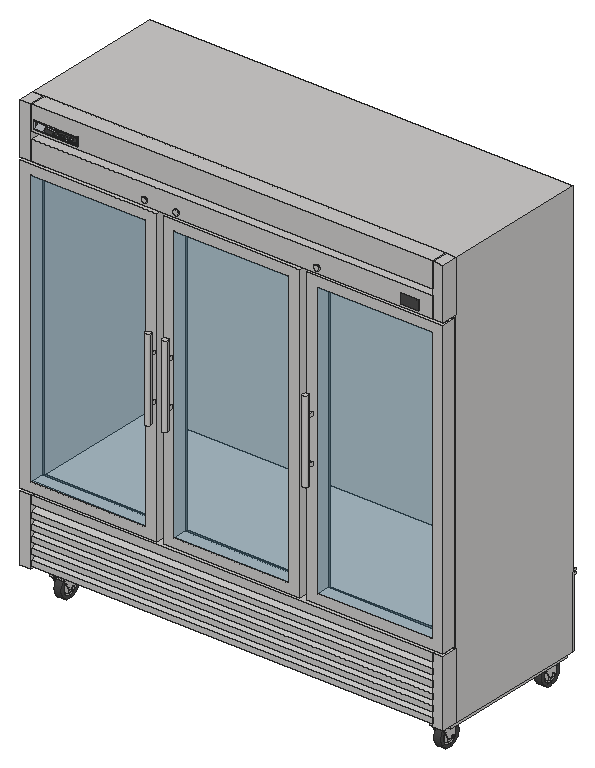
Revit family "QF_TRUE_TS-72FG-HC~FGD01", category Specialty Equipment, Revit 2015
Parameters
  Weight in Pounds = 760
  Watts = Volts * FL Amps  # 1495 W
  Volts = 115 V
  URL Cutsheet = "www.truemfg.com"
  URL = "www.truemfg.com"
  Specification by User = ""
  Specification by Manufacturer = ""
  Siesmic Flanged [instance] = and(Show Seismic Flanged, not(Show 5 Inches Castors))  # no
  Show Seismic Flanged [instance] = no
  Show Logo [instance] = yes
  Show Clearance [instance] = yes
  Show 6 Inches Legs [instance] = no
  Show 5 Inches Castors [instance] = not(or(Show 6 Inches Legs, Show Seismic Flanged))  # yes
  Serial Number = ""
  Seismic Rating = ""
  SMACNA No = ""
  Revision Code = ""
  Phase = 1
  Overall Height = 83 3/8"
  Number of Poles = 1
  NAFEM Spec ID Number = ""
  Model = "TS-72FG-HC~FGD01"
  Min Ckt Ampacity = 0 A
  Max Overcurrent Protection = 0 A
  Masterspec = ""
  Manufacturer = "TRUE"
  Length = 78 1/8"
  Item Number = ""
  Installed By = ""
  Identify Quantity as Lot = yes
  Height = 83 3/8"
  HP = "3/4"
  Furnished By = ""
  Foodservice Equipment Identifier = yes
  FL Amps = 13 A
  Electrical Remarks = ""
  Electric Connection Type = ""
  Elec Conn RI Height = 0"
  Elec Conn Connection Height = 0"
  Description = "REACH-IN GLASS SWING DOOR STAINLESS STEEL FREEZER WITH HYDROCARBON REFRIGERANT~FRAMED GLASS DOOR VERSION 01"
  Depth = 29 7/8"
  Cycle = 60 Hz
  Conn Plug = "NEMA 5-15P"
  Conn Conduit = yes
  CSI MasterFormat = ""
  Body Height = 78 3/8"
  Base Height [instance] = if(Show 5 Inches Castors, 5", if(Show 6 Inches Legs, 6", if(Show Seismic Flanged, 6", 5")))  # 5"
  Apparent Power = 0 VA
  6 Inches Legs [instance] = and(or(Show Seismic Flanged, Show 6 Inches Legs), not(Show 5 Inches Castors))  # no
  5 Inches  Casters [instance] = Show 5 Inches Castors  # yes
Reference planes (in)
  plane 1 "BACK": y = 0
  plane 2: z = 0
  plane 3 "LEFT": x = 0
  plane 4 "RIGHT": x = 78.125
  plane 5 "FRONT": y = -29.875
  plane 6 "TOP": z = 83.375
  plane 7 "Center Y": x = 39.0625
  plane 8 "Center X": y = -14.9375
  plane 9: z = 5
  plane 10: y = -29.875
  plane 11: y = -30.5
Forms (in)
  Extrusion 1, solid, material "QF_Metal - Stainless - Polished"
    sketch origin (0, 0.375, 18.90845) x (1, 0, 0) y (0, 0, -1)
      loop
        circle (39.0625, 10.90845) r 1
    from 0 to 0.125
  Extrusion 2, solid, material "QF_Metal - Stainless - Polished", not visible
    sketch origin (0, -0.25, 18.90845) x (1, 0, 0) y (0, 0, -1)
      loop
        circle (39.0625, 10.90845) r 1
    from 0 to 0.125
Dimensions and locks (in)
  equal spacing: plane 3 "LEFT", plane 7 "Center Y", plane 4 "RIGHT"
  "Length": plane 3 "LEFT" to plane 4 "RIGHT"
  equal spacing: plane 5 "FRONT", plane 8 "Center X", plane 1 "BACK"
  "Depth": plane 5 "FRONT" to plane 1 "BACK"
  "Overall Height": plane 6 "TOP" to level
  "Base Height": plane 9 to plane 2
  plane 1 "BACK" to nested 1 = 54 1/4"
  nested 1 to plane 1 "BACK" = 0"
  plane 10 to nested 1 = 29 7/8"
  plane 5 "FRONT" to plane 1 "BACK" = 29 7/8"
  plane 10 to plane 5 "FRONT" = 0"
  "Body Height": plane 6 "TOP" to nested 1
  plane 5 "FRONT" to nested 1 = 1 5/8"
  plane 1 "BACK" to nested 1 = 5/8"
  nested 1 to nested 1 = 32 1/8"
  nested 1 to nested 1 = 30 1/2"
  aligned and locked: level to plane 2
  aligned and locked: nested 1 to plane 9
Automatic sketch dimensions
  nested 1 to Extrusion 1 sketch curve = 1 5/8"
  nested 1 to Extrusion 1 sketch curve = 39 1/16"
  nested 6 to Extrusion 2 sketch curve = 1 5/8"
  nested 6 to Extrusion 2 sketch curve = 39 1/16"
  radius of Extrusion 1 sketch curve = 1"
  radius of Extrusion 2 sketch curve = 1"
Nested families (in)
  nested 1: "T-72FG-HC-FGD01" at (0, 0.625, 0), Show Clearance <- "Show Clearance", Show Logo <- "Show Logo", type "T-72FG-HC-FGD01"
    with Show Logo yes, Show Clearance yes, Materials and Finshes QF_Plastic - Black - Smooth, Default Legs yes
  nested 2: "CASTER-LEGS" at (4, -2, 0), Show Siesmic Flanged <- "Show Seismic Flanged", Show Legs <- "Show 6 Inches Legs", Show 5" Casters <- "5 Inches  Casters", type "CASTER-LEGS"
    with Type Mark "", Status "", Specification by User "", Show Siesmic Flanged no, Show Legs no, Show 6" Casters no, Show 5" Casters yes, Show 4" Casters no, Show 2.5 Casters no, Revision Code "", Low Profile no, Item Number "", Installed By "", Identify Quantity as Lot yes, Furnished By "", Foodservice Equipment Identifier yes
  nested 3: "CASTER-LEGS" at (4, -25.25, 0), Show Siesmic Flanged <- "Show Seismic Flanged", Show Legs <- "Show 6 Inches Legs", Show 5" Casters <- "5 Inches  Casters", type "CASTER-LEGS"
    with Type Mark "", Status "", Specification by User "", Show Siesmic Flanged no, Show Legs no, Show 6" Casters no, Show 5" Casters yes, Show 4" Casters no, Show 2.5 Casters no, Revision Code "", Low Profile no, Item Number "", Installed By "", Identify Quantity as Lot yes, Furnished By "", Foodservice Equipment Identifier yes
  nested 4: "CASTER-LEGS" at (74.125, -2, 0), Show Siesmic Flanged <- "Show Seismic Flanged", Show Legs <- "Show 6 Inches Legs", Show 5" Casters <- "5 Inches  Casters", type "CASTER-LEGS"
    with Type Mark "", Status "", Specification by User "", Show Siesmic Flanged no, Show Legs no, Show 6" Casters no, Show 5" Casters yes, Show 4" Casters no, Show 2.5 Casters no, Revision Code "", Low Profile no, Item Number "", Installed By "", Identify Quantity as Lot yes, Furnished By "", Foodservice Equipment Identifier yes
  nested 5: "CASTER-LEGS" at (74.125, -25.25, 0), Show Siesmic Flanged <- "Show Seismic Flanged", Show Legs <- "Show 6 Inches Legs", Show 5" Casters <- "5 Inches  Casters", type "CASTER-LEGS"
    with Type Mark "", Status "", Specification by User "", Show Siesmic Flanged no, Show Legs no, Show 6" Casters no, Show 5" Casters yes, Show 4" Casters no, Show 2.5 Casters no, Revision Code "", Low Profile no, Item Number "", Installed By "", Identify Quantity as Lot yes, Furnished By "", Foodservice Equipment Identifier yes
  nested 6: "T-72FG-HC-FGD01" at (0, 0, 0), Show Clearance <- "Show Clearance", Show Logo <- "Show Logo", type "T-72FG-HC-FGD01", not visible
    with Show Logo yes, Show Clearance yes, Materials and Finshes QF_Plastic - Black - Smooth, Default Legs yes
  nested 7: "CASTER-LEGS" at (4, -2.625, 0), Show Siesmic Flanged <- "Show Seismic Flanged", Show Legs <- "Show 6 Inches Legs", Show 5" Casters <- "5 Inches  Casters", type "CASTER-LEGS", not visible
    with Type Mark "", Status "", Specification by User "", Show Siesmic Flanged no, Show Legs no, Show 6" Casters no, Show 5" Casters yes, Show 4" Casters no, Show 2.5 Casters no, Revision Code "", Low Profile no, Item Number "", Installed By "", Identify Quantity as Lot yes, Furnished By "", Foodservice Equipment Identifier yes
  nested 8: "CASTER-LEGS" at (4, -25.875, 0), Show Siesmic Flanged <- "Show Seismic Flanged", Show Legs <- "Show 6 Inches Legs", Show 5" Casters <- "5 Inches  Casters", type "CASTER-LEGS", not visible
    with Type Mark "", Status "", Specification by User "", Show Siesmic Flanged no, Show Legs no, Show 6" Casters no, Show 5" Casters yes, Show 4" Casters no, Show 2.5 Casters no, Revision Code "", Low Profile no, Item Number "", Installed By "", Identify Quantity as Lot yes, Furnished By "", Foodservice Equipment Identifier yes
  nested 9: "CASTER-LEGS" at (74.125, -2.625, 0), Show Siesmic Flanged <- "Show Seismic Flanged", Show Legs <- "Show 6 Inches Legs", Show 5" Casters <- "5 Inches  Casters", type "CASTER-LEGS", not visible
    with Type Mark "", Status "", Specification by User "", Show Siesmic Flanged no, Show Legs no, Show 6" Casters no, Show 5" Casters yes, Show 4" Casters no, Show 2.5 Casters no, Revision Code "", Low Profile no, Item Number "", Installed By "", Identify Quantity as Lot yes, Furnished By "", Foodservice Equipment Identifier yes
  nested 10: "CASTER-LEGS" at (74.125, -25.875, 0), Show Siesmic Flanged <- "Show Seismic Flanged", Show Legs <- "Show 6 Inches Legs", Show 5" Casters <- "5 Inches  Casters", type "CASTER-LEGS", not visible
    with Type Mark "", Status "", Specification by User "", Show Siesmic Flanged no, Show Legs no, Show 6" Casters no, Show 5" Casters yes, Show 4" Casters no, Show 2.5 Casters no, Revision Code "", Low Profile no, Item Number "", Installed By "", Identify Quantity as Lot yes, Furnished By "", Foodservice Equipment Identifier yes
Connectors (in)
  electrical at (39.0625, 0.5, 8), driven by "Volts", driven by "Watts"
    settings: on Extrusion 1, index 1, voltage 115 V, apparent load 1495 VA, apparent load phase1 0 VA, apparent load phase2 0 VA, apparent load phase3 0 VA, power factor 1, load classification "Other", number of poles 1, system type 30, power factor state 1, is connector primary yes, connector utility no, sub classification motor no, connector description "ELECTRICAL CONNECTION"
Definition of nested family "T-72FG-HC-FGD01"
  Parameters (values of type "T-72FG-HC-FGD01")
    Weight in Pounds = 0
    Watts = 0 W
    Volts = 0 V
    URL Cutsheet = ""
    Specification by User = ""
    Specification by Manufacturer = ""
    Show Logo [instance] = yes
    Show Clearance [instance] = yes
    Serial Number = ""
    Seismic Rating = ""
    SMACNA No = ""
    Revision Code = ""
    Phase = 0
    Number of Poles = 1
    NAFEM Spec ID Number = ""
    Min Ckt Ampacity = 0 A
    Max Overcurrent Protection = 0 A
    Materials and Finshes [instance] = none
    Masterspec = ""
    Length = 78 1/8"
    Item Number = ""
    Installed By = ""
    Identify Quantity as Lot = yes
    Height = 83 3/8"
    HP = ""
    Furnished By = ""
    Foodservice Equipment Identifier = yes
    FL Amps = 0 A
    Electrical Remarks = ""
    Electric Connection Type = ""
    Elec Conn RI Height = 0"
    Elec Conn Connection Height = 0"
    Depth = 30 1/2"
    Default Legs [instance] = yes
    Cycle = 0 Hz
    Conn Plug = ""
    Conn Conduit = yes
    CSI MasterFormat = ""
    Base Height [instance] = 5"
    Apparent Power = 0 VA
  Reference planes (in)
    plane 1 "BACK": y = 0
    plane 2: z = 0
    plane 3 "LEFT": x = 0
    plane 4 "RIGHT": x = 78.125
    plane 5 "FRONT": y = -30.5
    plane 6 "TOP": z = 83.375
    plane 7 "Center Y": x = 39.0625
    plane 8 "Center X": y = -15.25
    plane 9: z = 5
    plane 10: y = -32.125
    plane 11: y = -0.625
    plane 12: z = 6.375
    plane 13: x = 4
    plane 14: x = 74.125
    plane 15: y = -2.625
    plane 16: y = -26.875
    plane 17: y = -54.875
  Forms (in)
    Extrusion 1, solid
      sketch origin (-5.09019, -0.625, 48) x (-1, 0, 0) y (0, 0, 1)
        loop
          line (-5.09019, 35.375) -> (-83.21519, 35.375) -> (-83.21519, -41.625) -> (-5.09019, -41.625) -> (-5.09019, 35.375)
      from 0 to -26.875
    Extrusion 2, solid
      sketch origin (-5.09019, -27.5, 48) x (1, 0, 0) y (0, 0, 1)
        loop
          line (5.09019, 35.375) -> (5.09019, 25.875) -> (7.09019, 25.875) -> (7.09019, 35.375) -> (5.09019, 35.375)
        loop
          line (83.21519, 35.375) -> (81.21519, 35.375) -> (81.21519, 25.875) -> (83.21519, 25.875) -> (83.21519, 35.375)
        loop
          line (5.09019, -29.375) -> (5.09019, -41.625) -> (7.09019, -41.625) -> (7.09019, -29.375) -> (5.09019, -29.375)
        loop
          line (83.21519, -29.375) -> (81.21519, -29.375) -> (81.21519, -41.625) -> (83.21519, -41.625) -> (83.21519, -29.375)
      from 0 to 3
    Extrusion 3, void
      sketch origin (-5.09019, -27.5, 48) x (-1, 0, 0) y (0, 0, 1)
        loop
          line (-5.34019, 25.375) -> (-82.96519, 25.375) -> (-82.96519, -28.875) -> (-5.34019, -28.875) -> (-5.34019, 25.375)
      from 0 to 25.61194
    Extrusion 4, solid
      sketch origin (-5.09019, -27.5, 48) x (1, 0, 0) y (0, 0, 1)
        loop
          line (30.34019, 25.375) -> (5.09019, 25.375) -> (5.09019, -28.875) -> (30.34019, -28.875) -> (30.34019, 25.375)
        loop
          line (28.34019, 23.625) -> (7.09019, 23.625) -> (7.09019, -27.125) -> (28.34019, -27.125) -> (28.34019, 23.625)
        loop
          line (56.76697, 25.375) -> (31.51697, 25.375) -> (31.51697, -28.875) -> (56.76697, -28.875) -> (56.76697, 25.375)
        loop
          line (54.76697, 23.625) -> (33.51697, 23.625) -> (33.51697, -27.125) -> (54.76697, -27.125) -> (54.76697, 23.625)
        loop
          line (57.96519, 25.375) -> (57.96519, -28.875) -> (83.21519, -28.875) -> (83.21519, 25.375) -> (57.96519, 25.375)
        loop
          line (59.96519, 23.625) -> (59.96519, -27.125) -> (81.21519, -27.125) -> (81.21519, 23.625) -> (59.96519, 23.625)
      from 0.5 to 3
    Extrusion 5, solid
      sketch origin (25.25, -27.5, 73.625) x (0, 0, -1) y (0, 1, 0)
        loop
          line (23, -3) -> (23, -3.63505) -> (23.64808, -3.63505) -> (23.64808, -3) -> (23, -3)
        loop
          line (31.1451, -3) -> (31.1451, -3.63505) -> (31.79318, -3.63505) -> (31.79318, -3) -> (31.1451, -3)
      from -0.36508 to -1.13332
    Extrusion 6, solid
      sketch origin (28.42678, -27.5, 18.875) x (0, 0, 1) y (0, -1, 0)
        loop
          line (32, 3) -> (32, 3.63505) -> (31.35192, 3.63505) -> (31.35192, 3) -> (32, 3)
        loop
          line (23.8549, 3) -> (23.8549, 3.63505) -> (23.20682, 3.63505) -> (23.20682, 3) -> (23.8549, 3)
      from -0.36508 to -1.13332
    Extrusion 7, solid
      sketch origin (52.875, -27.5, 73.625) x (0, 0, -1) y (0, -1, 0)
        loop
          line (23, 3) -> (23.64808, 3) -> (23.64808, 3.63505) -> (23, 3.63505) -> (23, 3)
        loop
          line (31.1451, 3) -> (31.79318, 3) -> (31.79318, 3.63505) -> (31.1451, 3.63505) -> (31.1451, 3)
      from -0.36508 to -1.13332
    Extrusion 8, solid
      sketch origin (25.25, -31.13505, 41.83182) x (1, 0, 0) y (0, -1, 0)
        loop
          circle (-0.7492, 0.49497) r 0.5
        loop
          circle (2.42758, 0.49497) r 0.5
        loop
          circle (28.3742, 0.49497) r 0.5
      from 3 to -12
    Extrusion 9, solid
      sketch origin (2, -27.5, 83.375) x (0, 0, -1) y (0, 1, 0)
        loop
          line (0, -3) -> (4.5, -3) -> (5.75, -0.19245) -> (5.75, -3) -> (9.5, -3) -> (9.5, 0) -> (0, 0) -> (0, -3)
        loop
          line (64.75, -3) -> (66.25, -3) -> (66.25, -0.43712) -> (67.5, -3) -> (68.5, -3) -> (68.5, -0.9497) -> (69.5, -3) -> (70.5, -3) -> (70.5, -0.9497) -> (71.5, -3) -> (72.5, -3) -> (72.5, -0.9497) -> (73.5, -3) -> (74.5, -3) -> (74.5, -0.9497) -> (75.5, -3) -> (76.5, -3) -> (76.5, 0) -> (64.75, 0) -> (64.75, -3)
      from 0 to 74.125
    Extrusion 10, solid
      sketch origin (-5.09019, -30.5, 48) x (1, 0, 0) y (0, 0, 1)
        loop
          line (7.09019, -27.125) -> (28.34019, -27.125) -> (28.34019, 23.625) -> (7.09019, 23.625) -> (7.09019, -27.125)
        loop
          line (33.51697, -27.125) -> (54.76697, -27.125) -> (54.76697, 23.625) -> (33.51697, 23.625) -> (33.51697, -27.125)
        loop
          line (59.96519, -27.125) -> (81.21519, -27.125) -> (81.21519, 23.625) -> (59.96519, 23.625) -> (59.96519, -27.125)
      from 0 to -0.125
    Extrusion 11, solid
      sketch origin (2, -30.5, 77.625) x (0, 0, -1) y (1, 0, 0)
        loop
          line (1.52381, 68.36966) -> (3.27381, 68.36966) -> (3.27381, 71.61966) -> (1.52381, 71.61966) -> (1.52381, 68.36966)
      from 0 to 0.0625
    Extrusion 12, solid
      sketch origin (2, -30.5, 77.625) x (0, 0, -1) y (1, 0, 0)
        loop
          circle (2.77758, 20.91745) r 0.5
        loop
          circle (2.77758, 26.78508) r 0.5
        loop
          circle (2.77758, 52.78508) r 0.5
      from 0 to 0.0625
    Extrusion 13, solid
      sketch origin (0, 0, 0) x (1, 0, 0) y (0, 0, 1)
        loop
          line (1, 6.375) -> (1, 5) -> (77.125, 5) -> (77.125, 6.375) -> (1, 6.375)
      from 0.625 to 27.5
    Extrusion 14, solid, visible <- "Show Clearance", detail levels coarse
      sketch origin (0, -27.5, 19.125) x (0, -1, 0) y (-1, 0, 0)
        loop
          line (3, 0) -> (3, -25.25)
          arc (3, -25.25) -> (20.64419, -17.8926) -> (27.375, 0) r 24.09215
          line (27.375, 0) -> (3, 0)
        loop
          line (3, -51.67678) -> (27.375, -51.67678)
          arc (27.375, -51.67678) -> (20.64419, -33.78418) -> (3, -26.42678) r 24.09215
          line (3, -26.42678) -> (3, -51.67678)
        loop
          line (3, -52.875) -> (3, -78.125) -> (27.375, -78.125)
          arc (27.375, -78.125) -> (20.62542, -60.25053) -> (3, -52.875) r 24.14919
      from 0 to -54.25
    Extrusion 15, solid
      sketch origin (0, -0.625, 82.375) x (0, 0, 1) y (0, 1, 0)
        loop
          line (-76, 0) -> (-62.57476, 0) -> (-62.57476, 0.14819) -> (-62.39798, 0.32496) -> (-62.39798, 0.625) -> (-62.74122, 0.625) -> (-62.74122, 0.375) -> (-63.12172, 0.375) -> (-63.12172, 0.625) -> (-63.46655, 0.625) -> (-63.46655, 0.375) -> (-76, 0.375) -> (-76, 0)
      from 0 to -78.125
    Extrusion 16, solid
      sketch origin (26.98493, -27.5, 73.375) x (-1, 0, 0) y (0, -1, 0)
        loop
          line (26.52659, 1.27764) -> (26.52659, 2.32875) -> (23.06149, 2.32875) -> (23.06149, 1.27764) -> (26.52659, 1.27764)
        loop
          circle (26.09113, 1.82353) r 0.25
        loop
          circle (24.44087, 1.81192) r 0.25
        loop
          circle (23.44087, 1.81192) r 0.25
      from 0 to 0.22057
    Extrusion 17, solid
      sketch origin (26.98493, -27.5, 73.375) x (-1, 0, 0) y (0, -1, 0)
        loop
          circle (24.44087, 1.81192) r 0.25
        loop
          circle (23.44087, 1.81192) r 0.25
      from 0 to 0.31015
    Extrusion 18, solid
      sketch origin (26.98493, -27.5, 73.87265) x (-1, 0, 0) y (0, -1, 0)
        loop
          circle (26.09249, 1.82353) r 0.25
      from 0.00235 to -0.27708
    Extrusion 19, solid
      sketch origin (-0.01507, -27.5, 19.12866) x (0, -1, 0) y (-1, 0, 0)
        loop
          line (0, -1.157) -> (2.06523, -1.11503)
          arc (2.06523, -1.11503) -> (2.48736, -0.68546) -> (2.06523, -0.25589) r 0.42963
          line (2.06523, -0.25589) -> (0, -0.21392) -> (0, -1.157)
        loop
          circle (2.05773, -0.68546) r 0.25
      from 0.00366 to 0.22057
    Extrusion 20, solid
      sketch origin (-0.01507, -27.5, 19.12866) x (0, -1, 0) y (-1, 0, 0)
        loop
          circle (2.05773, -0.68546) r 0.25
      from 0.00366 to 0.29961
    Extrusion 21, solid
      sketch origin (-5.09019, -27.5, 48) x (1, 0, 0) y (0, 0, 1)
        loop
          line (5.46519, -28.75) -> (30.21519, -28.75) -> (30.21519, 25.25) -> (5.46519, 25.25) -> (5.46519, -28.75)
        loop
          line (28.46519, 23.75) -> (6.96519, 23.75) -> (6.96519, -27.25) -> (28.46519, -27.25) -> (28.46519, 23.75)
        loop
          line (31.89197, -28.75) -> (56.64197, -28.75) -> (56.64197, 25.25) -> (31.89197, 25.25) -> (31.89197, -28.75)
        loop
          line (54.89197, 23.75) -> (33.39197, 23.75) -> (33.39197, -27.25) -> (54.89197, -27.25) -> (54.89197, 23.75)
        loop
          line (82.84019, -28.75) -> (82.84019, 25.25) -> (58.09019, 25.25) -> (58.09019, -28.75) -> (82.84019, -28.75)
        loop
          line (59.84019, 23.75) -> (59.84019, -27.25) -> (81.34019, -27.25) -> (81.34019, 23.75) -> (59.84019, 23.75)
      from 0 to 0.5
    Extrusion 22, solid
      sketch origin (51.14007, -27.5, 73.375) x (1, 0, 0) y (0, 1, 0)
        loop
          line (26.52659, -1.27764) -> (23.06149, -1.27764) -> (23.06149, -2.32875) -> (26.52659, -2.32875) -> (26.52659, -1.27764)
        loop
          circle (26.09113, -1.82353) r 0.25
        loop
          circle (24.44087, -1.81192) r 0.25
        loop
          circle (23.44087, -1.81192) r 0.25
      from 0 to 0.22057
    Extrusion 23, solid
      sketch origin (51.14007, -27.5, 73.375) x (1, 0, 0) y (0, 1, 0)
        loop
          circle (24.44087, -1.81192) r 0.25
        loop
          circle (23.44087, -1.81192) r 0.25
      from 0 to 0.31015
    Extrusion 24, solid
      sketch origin (51.14007, -27.5, 73.87265) x (1, 0, 0) y (0, 1, 0)
        loop
          circle (26.09249, -1.82353) r 0.25
      from 0.00235 to -0.27708
    Extrusion 25, solid
      sketch origin (78.14007, -27.5, 19.12866) x (0, 1, 0) y (1, 0, 0)
        loop
          line (0, -1.157) -> (0, -0.21392) -> (-2.06523, -0.25589)
          arc (-2.06523, -0.25589) -> (-2.48736, -0.68546) -> (-2.06523, -1.11503) r 0.42963
          line (-2.06523, -1.11503) -> (0, -1.157)
        loop
          circle (-2.05773, -0.68546) r 0.25
      from 0.00366 to 0.22057
    Extrusion 26, solid
      sketch origin (78.14007, -27.5, 19.12866) x (0, 1, 0) y (1, 0, 0)
        loop
          circle (-2.05773, -0.68546) r 0.25
      from 0.00366 to 0.29961
    Extrusion 27, solid
      sketch origin (24.69185, -27.5, 73.375) x (1, 0, 0) y (0, 1, 0)
        loop
          line (26.52659, -1.27764) -> (23.06149, -1.27764) -> (23.06149, -2.32875) -> (26.52659, -2.32875) -> (26.52659, -1.27764)
        loop
          circle (26.09113, -1.82353) r 0.25
        loop
          circle (24.44087, -1.81192) r 0.25
        loop
          circle (23.44087, -1.81192) r 0.25
      from 0 to 0.22057
    Extrusion 28, solid
      sketch origin (24.69185, -27.5, 73.375) x (1, 0, 0) y (0, 1, 0)
        loop
          circle (24.44087, -1.81192) r 0.25
        loop
          circle (23.44087, -1.81192) r 0.25
      from 0 to 0.31015
    Extrusion 29, solid
      sketch origin (24.69185, -27.5, 73.87265) x (1, 0, 0) y (0, 1, 0)
        loop
          circle (26.09249, -1.82353) r 0.25
      from 0.00235 to -0.27708
    Extrusion 30, solid
      sketch origin (51.69185, -27.5, 19.12866) x (0, 1, 0) y (1, 0, 0)
        loop
          line (0, -1.157) -> (0, -0.21392) -> (-2.06523, -0.25589)
          arc (-2.06523, -0.25589) -> (-2.48736, -0.68546) -> (-2.06523, -1.11503) r 0.42963
          line (-2.06523, -1.11503) -> (0, -1.157)
        loop
          circle (-2.05773, -0.68546) r 0.25
      from 0.00366 to 0.22057
    Extrusion 31, solid
      sketch origin (51.69185, -27.5, 19.12866) x (0, 1, 0) y (1, 0, 0)
        loop
          circle (-2.05773, -0.68546) r 0.25
      from 0.00366 to 0.29961
  Cuts and joins
    Extrusion 3 cuts Extrusion 1
    Extrusion 3 cuts Extrusion 2
  Lines and regions (in)
    symbolic lines
      curve 1: line (0, 0, 0) -> (78.125, 0, 0)
      curve 2: line (0, -30.5, 0) -> (0, 0, 0)
      curve 3: line (78.125, -30.5, 0) -> (0, -30.5, 0)
      curve 4: line (78.125, 0, 0) -> (78.125, -30.5, 0)
      curve 5: line (78.125, -27.5, 0) -> (0, -27.5, 0)
      curve 6: line (78.125, -0.625, 0) -> (0, -0.625, 0)
      curve 7: arc (29.80964, -43.125, 0) -> (27.28715, -37.03518, 0) -> (26.42678, -30.5, 0) r 25.25
      curve 8: line (29.80964, -43.125, 0) -> (51.67678, -30.5, 0)
      curve 9: arc (56.25786, -43.125, 0) -> (53.73537, -37.03518, 0) -> (52.875, -30.5, 0) r 25.25
      curve 10: line (56.25786, -43.125, 0) -> (78.125, -30.5, 0)
      curve 11: arc (25.25, -30.5, 0) -> (24.38963, -37.03518, 0) -> (21.86714, -43.125, 0) r 25.25
      curve 12: line (0, -30.5, 0) -> (21.86714, -43.125, 0)
      curve 13: arc (24.0008, -31.63003, 0) -> (24.5008, -31.13003, 0) -> (25.0008, -31.63003, 0) r 0.5
      curve 14: arc (25.0008, -31.63003, 0) -> (24.5008, -32.13003, 0) -> (24.0008, -31.63003, 0) r 0.5
      curve 15: line (24.88492, -30.5, 0) -> (24.88492, -31.30994, 0)
      curve 16: line (24.11668, -30.5, 0) -> (24.11668, -31.30994, 0)
      curve 17: arc (27.17758, -31.63003, 0) -> (27.67758, -31.13003, 0) -> (28.17758, -31.63003, 0) r 0.5
      curve 18: arc (28.17758, -31.63003, 0) -> (27.67758, -32.13003, 0) -> (27.17758, -31.63003, 0) r 0.5
      curve 19: line (28.06169, -30.5, 0) -> (28.06169, -31.30994, 0)
      curve 20: line (27.29346, -30.5, 0) -> (27.29346, -31.30994, 0)
      curve 21: arc (53.1242, -31.63003, 0) -> (53.6242, -31.13003, 0) -> (54.1242, -31.63003, 0) r 0.5
      curve 22: arc (54.1242, -31.63003, 0) -> (53.6242, -32.13003, 0) -> (53.1242, -31.63003, 0) r 0.5
      curve 23: line (54.00832, -30.5, 0) -> (54.00832, -31.30994, 0)
      curve 24: line (53.24008, -30.5, 0) -> (53.24008, -31.30994, 0)
  Dimensions and locks (in)
    equal spacing: plane 3 "LEFT", plane 7 "Center Y", plane 4 "RIGHT"
    "Length": plane 3 "LEFT" to plane 4 "RIGHT"
    equal spacing: plane 5 "FRONT", plane 8 "Center X", plane 1 "BACK"
    "Depth": plane 5 "FRONT" to plane 1 "BACK"
    "Height": plane 6 "TOP" to level
    "Base Height": plane 9 to plane 2
    plane 1 "BACK" to plane 10 = 32 1/8"
    plane 1 "BACK" to plane 11 = 5/8"
    plane 11 to plane 5 "FRONT" = 29 7/8"
    plane 6 "TOP" to plane 9 = 78 3/8"
    plane 6 "TOP" to plane 12 to plane 9 = 77", 1 3/8"
    plane 10 to plane 1 "BACK" = 32 1/8"
    plane 5 "FRONT" to plane 11 = 29 7/8"
    plane 1 "BACK" to plane 17 = 54 7/8"
    aligned and locked: level to plane 2
  Automatic sketch dimensions
    curve 13 to curve 14 = 0"  (x2)
    curve 17 to curve 18 = 0"  (x2)
    curve 21 to curve 22 = 0"  (x2)
    plane 1 "BACK" to curve 1 = 0"
    curve 1 to plane 3 "LEFT" = 0"
    curve 11 to plane 3 "LEFT" = 0"
    plane 5 "FRONT" to curve 16 = 0"
    curve 10 to plane 4 "RIGHT" = 0"
    curve 9 to plane 4 "RIGHT" = 0"
    curve 6 to plane 11 = 0"
    curve 12 to plane 7 "Center Y" = 17.19536"
    plane 10 to curve 14 = 0.49497"
    curve 12 to curve 14 = 2.63366"
    plane 10 to curve 17 = 0.49497"
    curve 13 to curve 17 = 3.17678"
    curve 12 to curve 8 = 7.94249"
    plane 7 "Center Y" to curve 7 = 12.61428"
    plane 10 to curve 22 = 0.49497"
    curve 7 to curve 22 = 1.94742"
    curve 21 to curve 10 = 2.63366"
    curve 12 to plane 10 = 11"
    curve 10 to plane 10 = 11"
    curve 12 to curve 8 = 0"
    curve 14 to curve 13 = 1/2"
    curve 13 to curve 16 = 0.11588"
    curve 15 to curve 11 = 0.36508"
    curve 17 to curve 17 = 1/2"
    curve 7 to curve 20 = 0.86668"
    curve 19 to curve 17 = 0.11588"
    curve 8 to curve 7 = 0"
    curve 21 to curve 21 = 1/2"
    curve 9 to curve 24 = 0.36508"
    curve 23 to curve 21 = 0.11588"
    curve 5 to plane 16 = 5/8"
    plane 4 "RIGHT" to Extrusion 1 sketch curve = 0"
    Extrusion 1 sketch curve to plane 3 "LEFT" = 0"
    Extrusion 1 sketch curve to plane 12 = 0"
    Extrusion 1 sketch curve to plane 6 "TOP" = 0"
    Extrusion 2 sketch curve to Extrusion 1 = 0"  (x7)
    Extrusion 1 to Extrusion 2 sketch curve = 0"
    Extrusion 2 sketch curve to Extrusion 1 = 2"  (x4)
    Extrusion 2 sketch curve to Extrusion 2 sketch curve = 12 1/4"  (x2)
    Extrusion 2 sketch curve to Extrusion 1 = 9 1/2"  (x2)
    Extrusion 1 to Extrusion 3 sketch curve = 1/4"  (x2)
    Extrusion 1 to Extrusion 3 sketch curve = 12 3/4"
    Extrusion 1 to Extrusion 3 sketch curve = 10"
    Extrusion 1 to Extrusion 4 sketch curve = 0"
    Extrusion 4 sketch curve to Extrusion 1 = 0"
    Extrusion 4 sketch curve to Extrusion 1 = 2"  (x2)
    Extrusion 4 sketch curve to Extrusion 4 sketch curve = 21 1/4"  (x2)
    Extrusion 4 sketch curve to Extrusion 4 sketch curve = 2"  (x4)
    Extrusion 4 sketch curve to Extrusion 4 sketch curve = 1.17678"
    Extrusion 4 sketch curve to Extrusion 4 sketch curve = 1.19822"
    Extrusion 4 sketch curve to Extrusion 1 = 12 3/4"  (x3)
    Extrusion 4 sketch curve to Extrusion 4 sketch curve = 1 3/4"  (x6)
    Extrusion 4 sketch curve to Extrusion 1 = 11 3/4"  (x2)
    Extrusion 4 sketch curve to Extrusion 4 sketch curve = 0"
    Extrusion 5 sketch curve to Extrusion 4 = 0"  (x2)
    Extrusion 5 sketch curve to Extrusion 4 = 0.63505"
    Extrusion 5 sketch curve to Extrusion 4 = 22 3/4"
    Extrusion 5 sketch curve to Extrusion 5 sketch curve = 0.64808"  (x2)
    Extrusion 5 sketch curve to Extrusion 5 sketch curve = 7.49702"
    Extrusion 5 sketch curve to Extrusion 5 sketch curve = 0.63505"
    Extrusion 6 sketch curve to Extrusion 4 = 0"  (x2)
    Extrusion 4 to Extrusion 6 sketch curve = 21.20682"
    Extrusion 6 sketch curve to Extrusion 6 sketch curve = 0.64808"  (x2)
    Extrusion 6 sketch curve to Extrusion 6 sketch curve = 7.49702"
    Extrusion 6 sketch curve to Extrusion 6 sketch curve = 0.63505"  (x2)
    Extrusion 7 sketch curve to Extrusion 4 = 0"  (x2)
    Extrusion 7 sketch curve to Extrusion 4 = 0.63505"
    Extrusion 4 to Extrusion 7 sketch curve = 22 3/4"
    Extrusion 7 sketch curve to Extrusion 7 sketch curve = 0.64808"  (x2)
    Extrusion 7 sketch curve to Extrusion 7 sketch curve = 7.49702"
    Extrusion 7 sketch curve to Extrusion 7 sketch curve = 0.63505"
    Extrusion 8 sketch curve to Extrusion 5 = 0.38412"
    Extrusion 5 to Extrusion 8 sketch curve = 0.49497"  (x3)
    Extrusion 5 to Extrusion 8 sketch curve = 2.79266"
    Extrusion 8 sketch curve to Extrusion 8 sketch curve = 25.94662"
    Extrusion 9 sketch curve to Extrusion 2 = 0"  (x12)
    Extrusion 9 sketch curve to Extrusion 9 sketch curve = 4 1/2"
    Extrusion 2 to Extrusion 9 sketch curve = 0.19245"
    Extrusion 9 sketch curve to Extrusion 9 sketch curve = 1 1/4"  (x2)
    Extrusion 9 sketch curve to Extrusion 2 = 55 1/4"
    Extrusion 9 sketch curve to Extrusion 9 sketch curve = 1 1/2"
    Extrusion 2 to Extrusion 9 sketch curve = 0.9497"  (x4)
    Extrusion 9 sketch curve to Extrusion 9 sketch curve = 1"  (x7)
    Extrusion 9 sketch curve to Extrusion 9 sketch curve = 2"  (x2)
    Extrusion 2 to Extrusion 9 sketch curve = 0.43712"
    Extrusion 10 sketch curve to Extrusion 4 = 0"  (x9)
    Extrusion 4 to Extrusion 10 sketch curve = 0"  (x3)
    Extrusion 9 to Extrusion 11 sketch curve = 1.52381"
    Extrusion 11 sketch curve to Extrusion 9 = 0.47619"
    Extrusion 9 to Extrusion 11 sketch curve = 5.75534"
    Extrusion 9 to Extrusion 11 sketch curve = 2.50534"
    Extrusion 12 sketch curve to Extrusion 9 = 0.97242"  (x3)
    Extrusion 9 to Extrusion 12 sketch curve = 20.91745"
    Extrusion 12 sketch curve to Extrusion 12 sketch curve = 5.86763"
    Extrusion 9 to Extrusion 12 sketch curve = 21.33992"
    Extrusion 13 sketch curve to plane 9 = 0"
    Extrusion 13 sketch curve to plane 12 = 0"
    plane 3 "LEFT" to Extrusion 13 sketch curve = 1"
    plane 4 "RIGHT" to Extrusion 13 sketch curve = 1"
    Extrusion 14 sketch curve to Extrusion 4 = 0"  (x3)
    Extrusion 4 to Extrusion 14 sketch curve = 0"  (x2)
    Extrusion 4 to Extrusion 14 sketch curve = 0.25097"
    Extrusion 4 to Extrusion 14 sketch curve = 0.31078"  (x2)
    Extrusion 14 sketch curve to Extrusion 14 sketch curve = 24.06422"  (x2)
    Extrusion 14 sketch curve to Extrusion 14 sketch curve = 24.12403"
    Extrusion 14 sketch curve to Extrusion 14 sketch curve = 1.17678"
    Extrusion 14 sketch curve to Extrusion 14 sketch curve = 24.09015"
    Extrusion 14 sketch curve to Extrusion 14 sketch curve = 1.19822"
    Extrusion 14 sketch curve to Extrusion 14 sketch curve = 24.14789"
    Extrusion 15 sketch curve to Extrusion 1 = 0"  (x2)
    Extrusion 15 sketch curve to Extrusion 1 = 3/8"
    Extrusion 15 sketch curve to Extrusion 15 sketch curve = 12.53345"
    Extrusion 15 sketch curve to Extrusion 15 sketch curve = 0.34482"
    Extrusion 15 sketch curve to Extrusion 15 sketch curve = 0.3805"
    Extrusion 15 sketch curve to Extrusion 15 sketch curve = 0.16647"
    Extrusion 15 sketch curve to Extrusion 1 = 0.32496"
    Extrusion 15 sketch curve to Extrusion 15 sketch curve = 0.17678"
    Extrusion 15 sketch curve to Extrusion 15 sketch curve = 0.14819"
    Extrusion 15 sketch curve to Extrusion 15 sketch curve = 0"
    Extrusion 15 sketch curve to Extrusion 15 sketch curve = 1/4"
    Extrusion 15 sketch curve to Extrusion 15 sketch curve = 0.30004"
    Extrusion 16 sketch curve to plane 13 = 0.07657"
    Extrusion 16 sketch curve to plane 13 = 0.45595"
    Extrusion 16 sketch curve to Extrusion 16 sketch curve = 1"
    plane 3 "LEFT" to Extrusion 16 sketch curve = 0.8938"
    plane 3 "LEFT" to Extrusion 16 sketch curve = 0.45833"
    Extrusion 16 sketch curve to plane 5 "FRONT" = 1.72236"
    Extrusion 16 sketch curve to plane 5 "FRONT" = 1.18808"
    Extrusion 16 sketch curve to Extrusion 16 sketch curve = 0.53428"
    Extrusion 16 sketch curve to Extrusion 16 sketch curve = 0.5459"
    Extrusion 16 sketch curve to Extrusion 16 sketch curve = 0.51683"
    Extrusion 17 sketch curve to plane 13 = 0.45595"
    Extrusion 17 sketch curve to Extrusion 17 sketch curve = 1"
    Extrusion 17 sketch curve to plane 5 "FRONT" = 1.18808"
    Extrusion 17 sketch curve to Extrusion 17 sketch curve = 0"
    Extrusion 18 sketch curve to Extrusion 18 sketch curve = 0"  (x2)
    plane 3 "LEFT" to Extrusion 18 sketch curve = 0.89244"
    Extrusion 18 sketch curve to plane 5 "FRONT" = 1.17647"
    Extrusion 18 sketch curve to Extrusion 18 sketch curve = 1/4"
    Extrusion 19 sketch curve to Extrusion 19 sketch curve = 0"  (x2)
    plane 3 "LEFT" to Extrusion 19 sketch curve = 0.19885"
    Extrusion 19 sketch curve to plane 16 = 5/8"
    Extrusion 19 sketch curve to plane 5 "FRONT" = 0.94227"
    plane 3 "LEFT" to Extrusion 19 sketch curve = 0.24082"
    Extrusion 19 sketch curve to Extrusion 19 sketch curve = 0.0075"  (x2)
    Extrusion 19 sketch curve to Extrusion 19 sketch curve = 0.42957"
    Extrusion 19 sketch curve to Extrusion 19 sketch curve = 0.94308"
    Extrusion 20 sketch curve to plane 5 "FRONT" = 0.94227"
    plane 3 "LEFT" to Extrusion 20 sketch curve = 0.67039"
    Extrusion 21 sketch curve to Extrusion 1 = 3/8"  (x2)
    Extrusion 21 sketch curve to Extrusion 1 = 1 7/8"  (x2)
    Extrusion 21 sketch curve to Extrusion 21 sketch curve = 21 1/2"  (x2)
    Extrusion 21 sketch curve to Extrusion 21 sketch curve = 1 3/4"  (x3)
    Extrusion 21 sketch curve to Extrusion 21 sketch curve = 1.67678"
    Extrusion 21 sketch curve to Extrusion 21 sketch curve = 1 1/2"  (x7)
    Extrusion 21 sketch curve to Extrusion 21 sketch curve = 1.44822"
    Extrusion 21 sketch curve to Extrusion 1 = 12 7/8"  (x2)
    Extrusion 21 sketch curve to Extrusion 21 sketch curve = 0"  (x3)
    Extrusion 21 sketch curve to Extrusion 1 = 11 5/8"
    Extrusion 22 sketch curve to plane 14 = 0.07657"
    Extrusion 22 sketch curve to plane 14 = 0.45595"
    Extrusion 22 sketch curve to Extrusion 22 sketch curve = 1"
    plane 4 "RIGHT" to Extrusion 22 sketch curve = 0.8938"
    plane 4 "RIGHT" to Extrusion 22 sketch curve = 0.45833"
    Extrusion 22 sketch curve to plane 5 "FRONT" = 0.67125"
    Extrusion 22 sketch curve to Extrusion 22 sketch curve = 0.50522"
    Extrusion 22 sketch curve to plane 5 "FRONT" = 1.18808"
    Extrusion 22 sketch curve to Extrusion 22 sketch curve = 0.51683"
    Extrusion 22 sketch curve to Extrusion 22 sketch curve = 0.53428"
    Extrusion 23 sketch curve to plane 14 = 0.45595"
    Extrusion 23 sketch curve to Extrusion 23 sketch curve = 1"
    Extrusion 23 sketch curve to plane 5 "FRONT" = 1.18808"
    Extrusion 23 sketch curve to Extrusion 23 sketch curve = 0"
    Extrusion 24 sketch curve to Extrusion 24 sketch curve = 0"  (x2)
    plane 4 "RIGHT" to Extrusion 24 sketch curve = 0.89244"
    Extrusion 24 sketch curve to plane 5 "FRONT" = 1.17647"
    Extrusion 24 sketch curve to Extrusion 24 sketch curve = 1/4"
    Extrusion 25 sketch curve to Extrusion 25 sketch curve = 0"  (x3)
    Extrusion 25 sketch curve to plane 5 "FRONT" = 0.93477"
    plane 4 "RIGHT" to Extrusion 25 sketch curve = 0.24082"
    Extrusion 25 sketch curve to Extrusion 25 sketch curve = 0.0075"
    Extrusion 25 sketch curve to plane 16 = 5/8"
    plane 4 "RIGHT" to Extrusion 25 sketch curve = 0.19885"
    Extrusion 25 sketch curve to Extrusion 25 sketch curve = 0.42957"
    Extrusion 25 sketch curve to Extrusion 25 sketch curve = 0.94308"
    Extrusion 26 sketch curve to plane 5 "FRONT" = 0.94227"
    plane 4 "RIGHT" to Extrusion 26 sketch curve = 0.67039"
    Extrusion 27 sketch curve to plane 5 "FRONT" = 0.67125"
    plane 7 "Center Y" to Extrusion 27 sketch curve = 8.69084"
    Extrusion 27 sketch curve to Extrusion 27 sketch curve = 0.37938"
    Extrusion 27 sketch curve to Extrusion 27 sketch curve = 1"
    Extrusion 27 sketch curve to Extrusion 27 sketch curve = 1.65026"
    Extrusion 27 sketch curve to Extrusion 27 sketch curve = 0.43546"
    Extrusion 27 sketch curve to Extrusion 27 sketch curve = 0.50522"
    Extrusion 27 sketch curve to plane 5 "FRONT" = 1.18808"
    Extrusion 27 sketch curve to Extrusion 27 sketch curve = 0.51683"
    Extrusion 27 sketch curve to Extrusion 27 sketch curve = 0.53428"
    Extrusion 28 sketch curve to plane 5 "FRONT" = 1.18808"
    plane 7 "Center Y" to Extrusion 28 sketch curve = 9.07023"
    Extrusion 28 sketch curve to Extrusion 28 sketch curve = 1"
    Extrusion 28 sketch curve to Extrusion 28 sketch curve = 0"
    Extrusion 29 sketch curve to Extrusion 29 sketch curve = 0"  (x2)
    Extrusion 29 sketch curve to plane 5 "FRONT" = 1.17647"
    plane 7 "Center Y" to Extrusion 29 sketch curve = 11.72184"
    Extrusion 29 sketch curve to Extrusion 29 sketch curve = 1/4"
    Extrusion 30 sketch curve to Extrusion 30 sketch curve = 0"  (x3)
    Extrusion 30 sketch curve to plane 5 "FRONT" = 0.93477"
    Extrusion 30 sketch curve to Extrusion 30 sketch curve = 0.0075"
    Extrusion 30 sketch curve to plane 16 = 5/8"
    plane 7 "Center Y" to Extrusion 30 sketch curve = 12.41543"
    Extrusion 30 sketch curve to Extrusion 30 sketch curve = 0.04197"
    Extrusion 30 sketch curve to Extrusion 30 sketch curve = 0.42957"
    Extrusion 30 sketch curve to Extrusion 30 sketch curve = 0.94308"
    Extrusion 31 sketch curve to plane 5 "FRONT" = 0.94227"
    plane 7 "Center Y" to Extrusion 31 sketch curve = 11.94389"
    radius of Extrusion 8 sketch curve = 1/2"  (x3)
    radius of Extrusion 12 sketch curve = 1/2"  (x3)
    radius of Extrusion 16 sketch curve = 1/4"  (x3)
    radius of Extrusion 17 sketch curve = 1/4"  (x2)
    radius of Extrusion 19 sketch curve = 1/4"
    radius of Extrusion 20 sketch curve = 1/4"
    radius of Extrusion 22 sketch curve = 1/4"  (x3)
    radius of Extrusion 23 sketch curve = 1/4"  (x2)
    radius of Extrusion 25 sketch curve = 1/4"
    radius of Extrusion 26 sketch curve = 1/4"
    radius of Extrusion 27 sketch curve = 1/4"  (x3)
    radius of Extrusion 28 sketch curve = 1/4"  (x2)
    radius of Extrusion 30 sketch curve = 1/4"
    radius of Extrusion 31 sketch curve = 1/4"
  Nested families (in)
    nested 1: "QF_LOGO_TRUE" at (2.5, -30.5, 79.375), Show Logo <- "Show Logo", type "QF_LOGO_TRUE", detail levels medium+fine
      with Show Logo yes
  Definition of nested family "QF_LOGO_TRUE"
    Parameters (values of type "QF_LOGO_TRUE")
      Show Logo [instance] = yes
    Reference planes (in)
      plane 1 "Center (Front/Back)": y = 0
      plane 2: z = 0
      plane 3 "Center (Left/Right)": x = 0
    Forms (in)
      Extrusion 1, solid, visible <- "Show Logo"
        sketch origin (-78.34647, 34.76905, -30.51001) x (1, 0, 0) y (0, 0, 1)
          loop
            line (81.15226, 31.65456) -> (81.07353, 31.48573) -> (82.12083, 31.48573)
            arc (82.12083, 31.48573) -> (82.14208, 31.44814) -> (82.12083, 31.41055) r 0.04386
            line (82.12083, 31.41055) -> (81.84767, 30.82478)
            arc (81.84767, 30.82478) -> (81.84531, 30.77052) -> (81.882, 30.73048) r 0.07096
            line (81.882, 30.73048) -> (82.55165, 30.73048)
            arc (82.55165, 30.73048) -> (82.63621, 30.75714) -> (82.69019, 30.82748) r 0.14742
            line (82.69019, 30.82748) -> (82.90515, 31.28847) -> (83.10265, 31.28847)
            arc (83.10265, 31.28847) -> (83.15447, 31.26942) -> (83.14697, 31.21472) r 0.04405
            line (83.14697, 31.21472) -> (82.9671, 30.82899)
            arc (82.9671, 30.82899) -> (82.9699, 30.76493) -> (83.02398, 30.73048) r 0.06943
            line (83.02398, 30.73048) -> (83.6124, 30.73048)
            arc (83.6124, 30.73048) -> (83.65748, 30.74689) -> (83.68147, 30.78844) r 0.07014
            arc (83.68147, 30.78844) -> (83.69845, 30.74745) -> (83.73943, 30.73048) r 0.05796
            line (83.73943, 30.73048) -> (84.112, 30.73048)
            arc (84.112, 30.73048) -> (84.15504, 30.74201) -> (84.18655, 30.77352) r 0.08608
            arc (84.18655, 30.77352) -> (84.20164, 30.7371) -> (84.23806, 30.72202) r 0.0515
            line (84.23806, 30.72202) -> (84.76757, 30.72202)
            arc (84.76757, 30.72202) -> (84.81086, 30.73995) -> (84.8288, 30.78324) r 0.06122
            arc (84.8288, 30.78324) -> (84.86848, 30.74355) -> (84.92269, 30.72903) r 0.10842
            line (84.92269, 30.72903) -> (85.91461, 30.72903) -> (86.02479, 30.91987) -> (85.0243, 30.91987)
            arc (85.0243, 30.91987) -> (84.99669, 30.93902) -> (84.99566, 30.97261) r 0.03732
            line (84.99566, 30.97261) -> (85.01297, 31.00972)
            arc (85.01297, 31.00972) -> (85.03954, 31.04453) -> (85.0813, 31.05774) r 0.07263
            line (85.0813, 31.05774) -> (85.40289, 31.05774)
            arc (85.40289, 31.05774) -> (85.4723, 31.07633) -> (85.52311, 31.12715) r 0.13882
            line (85.52311, 31.12715) -> (85.61625, 31.28847)
            arc (85.61625, 31.28847) -> (85.61625, 31.37458) -> (85.54168, 31.41763) r 0.08611
            line (85.54168, 31.41763) -> (85.20227, 31.41763)
            arc (85.20227, 31.41763) -> (85.11574, 31.40294) -> (85.05538, 31.33923) r 0.13863
            line (85.05538, 31.33923) -> (84.89409, 30.99333)
            arc (84.89409, 30.99333) -> (84.84649, 30.9313) -> (84.77191, 30.90778) r 0.13002
            line (84.77191, 30.90778) -> (84.41984, 30.90778)
            arc (84.41984, 30.90778) -> (84.3777, 30.95378) -> (84.38042, 31.0161) r 0.08151
            line (84.38042, 31.0161) -> (84.56766, 31.41763) -> (84.44849, 31.41763) -> (84.25012, 30.99222)
            arc (84.25012, 30.99222) -> (84.21158, 30.94199) -> (84.15119, 30.92296) r 0.10527
            line (84.15119, 30.92296) -> (83.90842, 30.92296)
            arc (83.90842, 30.92296) -> (83.8674, 30.97642) -> (83.87619, 31.04323) r 0.08805
            line (83.87619, 31.04323) -> (84.05078, 31.41763) -> (83.92772, 31.41763) -> (83.72676, 30.98668)
            arc (83.72676, 30.98668) -> (83.68011, 30.94003) -> (83.61639, 30.92296) r 0.12745
            line (83.61639, 30.92296) -> (83.26484, 30.92296)
            arc (83.26484, 30.92296) -> (83.2017, 30.9524) -> (83.19563, 31.0218) r 0.06967
            line (83.19563, 31.0218) -> (83.31118, 31.26961) -> (83.47452, 31.26961)
            arc (83.47452, 31.26961) -> (83.50209, 31.35268) -> (83.56075, 31.41763) r 0.21289
            line (83.56075, 31.41763) -> (82.92244, 31.41763)
            arc (82.92244, 31.41763) -> (82.85151, 31.40191) -> (82.80242, 31.34834) r 0.12081
            line (82.80242, 31.34834) -> (82.6294, 30.9773)
            arc (82.6294, 30.9773) -> (82.58962, 30.93752) -> (82.53528, 30.92296) r 0.10869
            line (82.53528, 30.92296) -> (82.1542, 30.92296)
            arc (82.1542, 30.92296) -> (82.12446, 30.96315) -> (82.13012, 31.01283) r 0.06822
            line (82.13012, 31.01283) -> (82.38156, 31.48573) -> (83.01596, 31.48573) -> (83.09469, 31.65456) -> (82.46029, 31.65456) -> (82.53902, 31.8234) -> (82.31334, 31.8234) -> (82.23461, 31.65456) -> (81.15226, 31.65456)
          loop
            arc (85.15937, 31.26434) -> (85.13191, 31.25698) -> (85.1118, 31.23688) r 0.05494
            line (85.1118, 31.23688) -> (85.09547, 31.18665)
            arc (85.09547, 31.18665) -> (85.10304, 31.16837) -> (85.12133, 31.16079) r 0.02586
            line (85.12133, 31.16079) -> (85.39889, 31.16079)
            arc (85.39889, 31.16079) -> (85.41888, 31.16523) -> (85.43513, 31.1777) r 0.04731
            line (85.43513, 31.1777) -> (85.44863, 31.2402)
            arc (85.44863, 31.2402) -> (85.44466, 31.25693) -> (85.42914, 31.26434) r 0.01994
            line (85.42914, 31.26434) -> (85.15937, 31.26434)
          loop
            line (78.62961, 30.74125) -> (80.12032, 30.74125) -> (80.73891, 31.81268) -> (79.2482, 31.81268) -> (78.62961, 30.74125)
        from 34.76797 to 34.83173
      Extrusion 2, solid, visible <- "Show Logo"
        sketch origin (-142.84857, 34.75108, -33.3546) x (1, 0, 0) y (0, 0, 1)
          loop
            line (150.81107, 34.71978) -> (142.98607, 34.71978) -> (142.98607, 33.4921) -> (150.81107, 33.4921) -> (150.81107, 34.71978)
        from 34.75108 to 34.78125
      Extrusion 3, solid, visible <- "Show Logo"
        sketch origin (-142.84857, 34.75108, -33.3546) x (1, 0, 0) y (0, 0, 1)
          loop
            line (150.94857, 34.85727) -> (142.84857, 34.85727) -> (142.84857, 33.3546) -> (150.94857, 33.3546) -> (150.94857, 34.85727)
          loop
            line (142.98607, 34.71978) -> (142.98607, 33.4921) -> (150.81107, 33.4921) -> (150.81107, 34.71978) -> (142.98607, 34.71978)
        from 34.75108 to 34.81376
      Extrusion 4, solid, not visible
        sketch origin (121.45701, -16.5, 4.98235) x (1, 0, 0) y (0, 0, 1)
          loop
            line (25.20115, 35.89949) -> (25.20115, 33.96647) -> (30.95381, 33.96647) -> (30.95381, 35.89949) -> (25.20115, 35.89949)
        from 31.5 to 31.54261
      Extrusion 5, solid, not visible
        sketch origin (121.45701, -16.5, 4.98235) x (1, 0, 0) y (0, 0, 1)
          loop
            line (26.7387, 34.95472) -> (26.61492, 34.49276) -> (27.038, 34.49276)
            arc (27.038, 34.49276) -> (27.13117, 34.52484) -> (27.18485, 34.60749) r 0.15134
            arc (27.18485, 34.60749) -> (27.20396, 34.68138) -> (27.22435, 34.75493) r 4.37326
            arc (27.22435, 34.75493) -> (27.23458, 34.81765) -> (27.22435, 34.88037) r 0.1974
            arc (27.22435, 34.88037) -> (27.18247, 34.93579) -> (27.11563, 34.95472) r 0.10914
            line (27.11563, 34.95472) -> (26.7387, 34.95472)
          loop
            line (26.90201, 34.80638) -> (26.84645, 34.59903) -> (26.92855, 34.59903)
            arc (26.92855, 34.59903) -> (26.98205, 34.6185) -> (27.01051, 34.6678) r 0.08322
            line (27.01051, 34.6678) -> (27.02399, 34.74424)
            arc (27.02399, 34.74424) -> (27.01491, 34.78454) -> (26.97985, 34.80638) r 0.05353
            line (26.97985, 34.80638) -> (26.90201, 34.80638)
          loop
            line (27.45336, 34.66131) -> (27.76233, 34.66131) -> (27.78859, 34.73909)
            arc (27.78859, 34.73909) -> (27.7878, 34.82039) -> (27.73107, 34.87864) r 0.10925
            arc (27.73107, 34.87864) -> (27.68233, 34.8944) -> (27.63139, 34.89974) r 0.24595
            line (27.63139, 34.89974) -> (27.46708, 34.89974)
            arc (27.46708, 34.89974) -> (27.4068, 34.88073) -> (27.3535, 34.84677) r 0.2421
            arc (27.3535, 34.84677) -> (27.2897, 34.76363) -> (27.26702, 34.66131) r 0.2421
            line (27.26702, 34.66131) -> (27.26702, 34.54477)
            arc (27.26702, 34.54477) -> (27.31618, 34.4956) -> (27.38334, 34.47761) r 0.13431
            line (27.38334, 34.47761) -> (27.59054, 34.47761)
            arc (27.59054, 34.47761) -> (27.63459, 34.48281) -> (27.67622, 34.49812) r 0.18924
            line (27.67622, 34.49812) -> (27.73102, 34.61563)
            arc (27.73102, 34.61563) -> (27.68453, 34.59565) -> (27.63566, 34.58252) r 0.35376
            arc (27.63566, 34.58252) -> (27.55885, 34.56956) -> (27.48204, 34.58252) r 0.23415
            arc (27.48204, 34.58252) -> (27.44492, 34.61362) -> (27.45336, 34.66131) r 0.04838
          loop
            line (27.4842, 34.73042) -> (27.62012, 34.73042) -> (27.62621, 34.76496)
            arc (27.62621, 34.76496) -> (27.58961, 34.80242) -> (27.53739, 34.80638) r 0.0742
            arc (27.53739, 34.80638) -> (27.49747, 34.77773) -> (27.4842, 34.73042) r 0.0742
          loop
            line (27.91616, 34.97572) -> (27.78675, 34.49276) -> (27.98645, 34.49276) -> (28.11586, 34.97572) -> (27.91616, 34.97572)
          loop
            line (28.13678, 34.66131) -> (28.08755, 34.47761) -> (28.27134, 34.47761) -> (28.32056, 34.66131) -> (28.43674, 34.66131) -> (28.47974, 34.78864) -> (28.36519, 34.78864)
            arc (28.36519, 34.78864) -> (28.35733, 34.81649) -> (28.36921, 34.84288) r 0.04231
            arc (28.36921, 34.84288) -> (28.431, 34.8652) -> (28.49617, 34.85686) r 0.13988
            line (28.49617, 34.85686) -> (28.53544, 34.97317)
            arc (28.53544, 34.97317) -> (28.39725, 34.99096) -> (28.25905, 34.97317) r 0.54546
            arc (28.25905, 34.97317) -> (28.20849, 34.91994) -> (28.18197, 34.85147) r 0.1894
            line (28.18197, 34.85147) -> (28.17089, 34.78864) -> (28.11397, 34.78864) -> (28.07985, 34.66131) -> (28.13678, 34.66131)
          loop
            arc (28.74846, 34.89756) -> (28.65884, 34.88533) -> (28.56922, 34.89756) r 0.33455
            line (28.56922, 34.89756) -> (28.45669, 34.47761) -> (28.63593, 34.47761) -> (28.74846, 34.89756)
          loop
            arc (28.60398, 35.01195) -> (28.57699, 34.97173) -> (28.60398, 34.9315) r 0.04347
            line (28.60398, 34.9315) -> (28.75755, 34.9315)
            arc (28.75755, 34.9315) -> (28.78645, 34.96687) -> (28.77911, 35.01195) r 0.0556
            line (28.77911, 35.01195) -> (28.60398, 35.01195)
          loop
            line (28.95336, 34.66131) -> (29.26233, 34.66131) -> (29.28859, 34.73909)
            arc (29.28859, 34.73909) -> (29.2878, 34.82039) -> (29.23107, 34.87864) r 0.10925
            arc (29.23107, 34.87864) -> (29.18233, 34.8944) -> (29.13139, 34.89974) r 0.24595
            line (29.13139, 34.89974) -> (28.96708, 34.89974)
            arc (28.96708, 34.89974) -> (28.9068, 34.88073) -> (28.8535, 34.84677) r 0.2421
            arc (28.8535, 34.84677) -> (28.7897, 34.76363) -> (28.76702, 34.66131) r 0.2421
            line (28.76702, 34.66131) -> (28.76702, 34.54477)
            arc (28.76702, 34.54477) -> (28.81618, 34.4956) -> (28.88334, 34.47761) r 0.13431
            line (28.88334, 34.47761) -> (29.09054, 34.47761)
            arc (29.09054, 34.47761) -> (29.13459, 34.48281) -> (29.17622, 34.49812) r 0.18924
            line (29.17622, 34.49812) -> (29.23102, 34.61563)
            arc (29.23102, 34.61563) -> (29.18453, 34.59565) -> (29.13566, 34.58252) r 0.35376
            arc (29.13566, 34.58252) -> (29.05885, 34.56956) -> (28.98204, 34.58252) r 0.23415
            arc (28.98204, 34.58252) -> (28.94492, 34.61362) -> (28.95336, 34.66131) r 0.04838
          loop
            line (28.9842, 34.73042) -> (29.12012, 34.73042) -> (29.12621, 34.76496)
            arc (29.12621, 34.76496) -> (29.08961, 34.80242) -> (29.03739, 34.80638) r 0.0742
            arc (29.03739, 34.80638) -> (28.99747, 34.77773) -> (28.9842, 34.73042) r 0.0742
          loop
            line (29.41616, 34.97572) -> (29.28675, 34.49276) -> (29.48645, 34.49276) -> (29.61586, 34.97572) -> (29.41616, 34.97572)
          loop
            line (29.99836, 34.97572) -> (29.95192, 34.80242)
            arc (29.95192, 34.80242) -> (29.94473, 34.85705) -> (29.90102, 34.89059) r 0.07199
            arc (29.90102, 34.89059) -> (29.80023, 34.89941) -> (29.70251, 34.87322) r 0.29131
            arc (29.70251, 34.87322) -> (29.61806, 34.7652) -> (29.5896, 34.63108) r 0.30433
            line (29.5896, 34.63108) -> (29.5896, 34.55572)
            arc (29.5896, 34.55572) -> (29.61075, 34.50463) -> (29.66184, 34.48348) r 0.07224
            line (29.66184, 34.48348) -> (29.78537, 34.48348)
            arc (29.78537, 34.48348) -> (29.83854, 34.51313) -> (29.88504, 34.55243) r 0.31609
            line (29.88504, 34.55243) -> (29.86905, 34.49276) -> (30.05973, 34.49276) -> (30.18914, 34.97572) -> (29.99836, 34.97572)
          loop
            arc (29.84537, 34.75931) -> (29.79424, 34.71128) -> (29.77745, 34.64317) r 0.12371
            arc (29.77745, 34.64317) -> (29.80071, 34.59901) -> (29.85056, 34.59647) r 0.05045
            arc (29.85056, 34.59647) -> (29.90141, 34.64047) -> (29.92536, 34.7033) r 0.13769
            arc (29.92536, 34.7033) -> (29.90211, 34.75521) -> (29.84537, 34.75931) r 0.05543
          loop
            line (26.45047, 35.26762) -> (26.58211, 35.26762)
            arc (26.58211, 35.26762) -> (26.60467, 35.30821) -> (26.62126, 35.35157) r 0.3277
            arc (26.62126, 35.35157) -> (26.62714, 35.39992) -> (26.60877, 35.44503) r 0.09693
            arc (26.60877, 35.44503) -> (26.56454, 35.48868) -> (26.50462, 35.50516) r 0.12312
            arc (26.50462, 35.50516) -> (26.44158, 35.50565) -> (26.37854, 35.50546) r 5.76967
            arc (26.37854, 35.50546) -> (26.07462, 35.42923) -> (25.81045, 35.26076) r 0.97743
            line (25.81045, 35.26076) -> (25.85921, 35.26076)
            arc (25.85921, 35.26076) -> (26.08494, 35.39361) -> (26.3396, 35.45485) r 0.88817
            arc (26.3396, 35.45485) -> (26.41429, 35.44188) -> (26.47267, 35.39352) r 0.14748
            arc (26.47267, 35.39352) -> (26.48041, 35.32725) -> (26.45047, 35.26762) r 0.11636
          loop
            arc (26.35412, 35.17841) -> (26.19578, 35.0555) -> (26.00982, 34.98069) r 0.72453
            arc (26.00982, 34.98069) -> (25.9036, 34.95581) -> (25.79459, 34.9604) r 0.40201
            arc (25.79459, 34.9604) -> (25.7275, 34.98819) -> (25.69972, 35.05528) r 0.09488
            arc (25.69972, 35.05528) -> (25.71867, 35.12629) -> (25.77049, 35.17841) r 0.1425
            line (25.77049, 35.17841) -> (25.73665, 35.18748)
            arc (25.73665, 35.18748) -> (25.67632, 35.09876) -> (25.66924, 34.99171) r 0.20432
            arc (25.66924, 34.99171) -> (25.71443, 34.9227) -> (25.79473, 34.90384) r 0.11116
            arc (25.79473, 34.90384) -> (25.91172, 34.89904) -> (26.02716, 34.91862) r 0.56145
            arc (26.02716, 34.91862) -> (26.27675, 35.021) -> (26.49584, 35.17841) r 1.15683
            line (26.49584, 35.17841) -> (26.35412, 35.17841)
        from 31.54261 to 31.56272
    Dimensions and locks (in)
      aligned and locked: level to plane 2
      aligned and locked: Extrusion 2 to Extrusion 3  (x2)
      aligned and locked: Extrusion 2 sketch curve to Extrusion 3
Definition of nested family "CASTER-LEGS"
  Parameters (values of type "Caster-Legs")
    Weight = ""
    URL Manufacturer = ""
    URL Cutsheet = ""
    URL = ""
    Type Mark [instance] = ""
    Status [instance] = ""
    Specification by User [instance] = ""
    Specification by Manufacturer = ""
    Show Siesmic Flanged [instance] = yes
    Show Legs [instance] = yes
    Show 6" Casters [instance] = yes
    Show 5" Casters [instance] = yes
    Show 4" Casters [instance] = yes
    Show 2.5 Casters [instance] = yes
    Serial Number = ""
    Seismic Rating = ""
    SMACNA No = ""
    Revision Code [instance] = ""
    Omniclass Number and Title = ""
    NAFEM Spec ID Number = ""
    Model = ""
    MasterSpec. = ""
    Manufacturer = ""
    Low Profile [instance] = yes
    Item Number [instance] = ""
    Installed By [instance] = ""
    Identify Quantity as Lot [instance] = yes
    Furnished By [instance] = ""
    Foodservice Equipment Identifier [instance] = yes
    Description = ""
    CSI MasterFormat = ""
    CSI Master Format = ""
    Assembly Code = ""
  Reference planes (in)
    plane 1: z = 0
    plane 2 "RIGHT": x = 0
    plane 3 "FRONT": y = 0
    plane 4 "TOP": z = 6
    plane 5: z = 2.125
    plane 6: z = 2.5
    plane 7: z = 6.25
  Forms (in)
    Revolve 1, solid, visible <- "Show Legs"
      sketch origin (11.12172, 0, 0) x (-1, 0, 0) y (0, 0, -1)
        loop
          line (11.12172, -6) -> (11.12172, 0) -> (10.62172, 0) -> (10.62172, -1.30261) -> (10.37172, -1.30261) -> (10.37172, -6) -> (11.12172, -6)
        axis (11.12172, 0) -> (11.12172, -6)
      angle from 0 to 360
    Extrusion 2, solid, visible <- "Show Siesmic Flanged"
      sketch origin (0, 0, 0) x (1, 0, 0) y (0, 1, 0)
        loop
          circle (-0.00825, 0) r 1
      from 0 to 0.125
  Dimensions and locks (in)
    plane 4 "TOP" to level = 6"  (x2)
    locked: Revolve 1 sketch curve to Revolve 1 sketch curve at 1.30261
    locked: Revolve 1 sketch curve to Revolve 1 sketch curve at 0.75
    nested 1 to level = 2 1/2"
    nested 2 to level = 5"
    plane 6 to plane 1 = 2 1/2"
    plane 5 to plane 1 = 2 1/8"
    plane 7 to plane 1 = 6 1/4"
    aligned and locked: level to plane 1
  Nested families (in)
    nested 1: "C2.5" at (-0.0625, -0.86941, 0), 2.5 Inches Caster <- "Show 2.5 Casters", type "C2.5"
      with Type Mark "", Status "", Specification by User "", Revision Code "", Item Number "", Installed By "", Identify Quantity as Lot yes, Furnished By "", Foodservice Equipment Identifier yes, 2.5 Inches Caster yes
    nested 2: "PITCO_5 INCHES CASTER" at (0, 0, 0), Show Casters <- "Show 5" Casters", type "PITCO_5 INCHES CASTER"
      with Type Mark "", Status "", Specification by User "", Show Casters yes, Revision Code "", Item Number "", Installed By "", Identify Quantity as Lot yes, Furnished By "", Foodservice Equipment Identifier yes
    nested 3: "2.13" at (0, 0, 0), 2.5 Inches Caster <- "Low Profile", type "2.13"
      with Type Mark "", Status "", Specification by User "", Revision Code "", Item Number "", Installed By "", Identify Quantity as Lot yes, Furnished By "", Foodservice Equipment Identifier yes, 2.5 Inches Caster yes
    nested 4: "C4" at (0, 0, 0), Show 4 Inches Casters <- "Show 4" Casters", type "C4"
      with Type Mark "", Specification by User "", Show 4 Inches Casters yes, Revision Code "", Item Number "", Installed By "", Identify Quantity as Lot yes, Furnished By "", Foodservice Equipment Identifier yes
    nested 5: "6 Inches Leg & Caster" at (0, 0, 0), Show Casters <- "Show 6" Casters", type "6 Inches Leg & Caster"
      with Type Mark "", Status "", Specification by User "", Show Casters yes, Revision Code "", Item Number "", Installed By "", Identify Quantity as Lot yes, Furnished By "", Foodservice Equipment Identifier yes
  Definition of nested family "C2.5"
    Parameters
      Weight = ""
      URL Manufacturer = ""
      URL Cutsheet = ""
      URL = ""
      Type Mark [instance] = ""
      Status [instance] = ""
